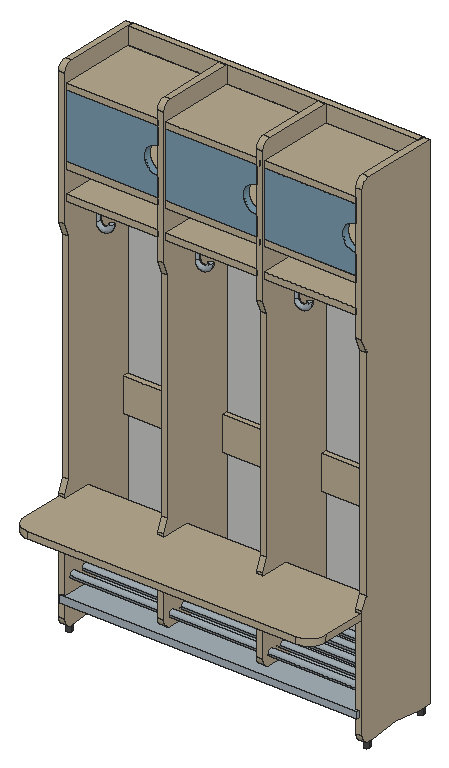
Revit family "Childrens coat rack N100 900", category Casework, Revit 2013
Parameters (values of type "Childrens coat rack N100 900")
  Youtube clip = ""
  Width = 900 mm
  Weight Net (kg) = 0 mm
  Uniclass 2.0 Description = ""
  Uniclass 2.0 Code = ""
  Uniclass 1.4 Description = ""
  Uniclass 1.4 Code = ""
  URL = "http://vaneritarvike.bimobject.com/7501"
  UNSPC code = 56
  UNSPC Category = "Furniture and Furnishings"
  Technical description = ""
  Product identifier = ""
  Product group = "Coat rack"
  Product family = "Kindergarten Furniture"
  Product data url = "http://www.vaneritarvike.fi/index.php?sivu=paivakotikalusteet&r_id=72&kieli=1"
  Product certification = ""
  Product SKU = "7501"
  Name of the object = "Childrens coat rack N100 900"
  NBS Reference Description = ""
  NBS Reference = ""
  Model = "Childrens coat rack N100 900"
  Manufacturer URL = "http://www.vaneritarvike.fi"
  Legs Material = Musta
  Installation instructions = ""
  IFC Classification = "Furniture"
  EAN code = ""
  COBIe Type Category = ""
  Bars And Bottom Panels Material = F0231
  Doors Material = F4168
  Rack Top and Bottom Panels Material = koivu
  Back Panel Material = Valkoinen
  Middle Horizontal Panels Material = koivu
  Support Panels Material = koivu
  Middle Vertical Panels Material = koivu
  Side Panels Material = koivu
  Manufacturer = "Nokian Vaneritarvike Oy"
  Manufacture country = "Finland"
  Height = 1520 mm
  Edition number = "2"
  Design country = "Finland"
  Depth = 430 mm
  Date of publishing = "4/2/2013"
  BIMobject QR code url = "http://vaneritarvike.bimobject.com/7501"
  BIMobject Category = "Furniture"
Reference planes
  plane 1 "Center (Front/Back)": y = 0
  plane 2: z = 0
  plane 3 "Center (Left/Right)": x = 0
  plane 4: x = -450
  plane 5: x = 450
  plane 6: y = -430
  plane 7: z = 1520
Forms (mm)
  Extrusion 1, solid, material "koivu" <- "Rack Top and Bottom Panels Material"
    sketch origin (24.797, 0, 1191.999) x (1, 0, 0) y (0, 1, 0)
      loop
        line (-464.619, -18.822) -> (-464.619, -248.322) -> (-181.172, -248.322) -> (-181.172, -18.822) -> (-464.619, -18.822)
    from 50 to 69.001
  Extrusion 2, solid, material "koivu" <- "Rack Top and Bottom Panels Material"
    sketch origin (24.797, 0, 1400.999) x (1, 0, 0) y (0, 1, 0)
      loop
        line (-464.619, -18.822) -> (-464.619, -248.322) -> (-181.172, -248.322) -> (-181.172, -18.822) -> (-464.619, -18.822)
    from 50 to 69.001
  Extrusion 3, solid, material "koivu" <- "Side Panels Material"
    sketch origin (-150, -208.004, 0) x (0, 1, 0) y (0, 0, 1)
      loop
        line (208.004, 1520) -> (-16.398, 1520)
        arc (-16.398, 1520) -> (-34.376, 1512.553) -> (-41.822, 1494.575) r 25.425
        line (-41.822, 1494.575) -> (-41.822, 1095) -> (-26.822, 1057) -> (-26.822, 411) -> (-41.822, 375) -> (-41.822, 45)
        arc (-41.822, 45) -> (-34.5, 27.322) -> (-16.822, 20) r 25
        line (-16.822, 20) -> (-1.818, 20) -> (83.182, 30) -> (168.175, 20.001) -> (208.004, 20.001) -> (208.004, 1520)
    from -300 to -281
  Extrusion 4, solid, material "Musta" <- "Legs Material"
    sketch origin (-150.864, -208.864, 0) x (1, 0, 0) y (0, 1, 0)
      loop
        circle (-290.5, 188.144) r 7.984
      loop
        circle (-290.5, -11.794) r 7.984
      loop
        circle (591.297, 189.246) r 7.984
      loop
        circle (591.297, -10.692) r 7.984
    from 0 to 20
  Extrusion 5, solid, material "koivu" <- "Middle Vertical Panels Material"
    sketch origin (143.625, -208.004, 0) x (0, 1, 0) y (0, 0, 1)
      loop
        line (189.182, 1520) -> (-16.893, 1520)
        arc (-16.893, 1520) -> (-34.871, 1512.553) -> (-42.318, 1494.575) r 25.425
        line (-42.318, 1494.575) -> (-42.318, 1095) -> (-27.318, 1057) -> (-27.318, 411) -> (-42.318, 375) -> (-42.318, 145)
        arc (-42.318, 145) -> (-34.996, 127.322) -> (-17.318, 120) r 25
        line (-17.318, 120) -> (189.182, 120) -> (189.182, 1520)
    from -300 to -281
  Extrusion 6, solid, material "Valkoinen" <- "Back Panel Material"
    sketch origin (-150, -208, 0) x (1, 0, 0) y (0, 1, 0)
      loop
        line (-281, 208) -> (-281, 189.178) -> (581, 189.178) -> (581, 208) -> (-281, 208)
    from 20 to 1470
  Extrusion 7, solid, material "F0231" <- "Bars And Bottom Panels Material"
    sketch origin (-150, -208, 0) x (1, 0, 0) y (0, 1, 0)
      loop
        line (-290, 189.178) -> (-290, -50.822) -> (590.972, -50.822) -> (590.972, 189.178) -> (-290, 189.178)
    from 90 to 110
  Extrusion 8, solid, material "koivu" <- "Middle Horizontal Panels Material"
    sketch origin (-125.203, -208, 1106) x (1, 0, 0) y (0, 1, 0)
      loop
        line (-305.797, 189.178) -> (-305.797, -40.322) -> (-31.172, -40.322) -> (-31.172, 189.178) -> (-305.797, 189.178)
    from 50 to 69.001
  Extrusion 9, solid, material "koivu" <- "Support Panels Material"
    sketch origin (-150, -208, 0) x (1, 0, 0) y (0, 1, 0)
      loop
        line (-281, 39.711) -> (-281, -41.827) -> (-297, -41.827) -> (-297, -172)
        arc (-297, -172) -> (-282.355, -207.355) -> (-247, -222) r 50
        line (-247, -222) -> (547, -222)
        arc (547, -222) -> (582.355, -207.355) -> (597, -172) r 50
        line (597, -172) -> (597, -41.827) -> (581, -41.827) -> (581, 39.711) -> (306.334, 39.711) -> (306.334, -42.322) -> (287.334, -42.322) -> (287.334, 39.711) -> (12.625, 39.711) -> (12.625, -42.322) -> (-6.375, -42.322) -> (-6.375, 39.711) -> (-281, 39.711)
    from 350 to 369
  Extrusion 10, solid, material "koivu" <- "Support Panels Material"
    sketch origin (-150, -208, 0) x (0, 1, 0) y (0, 0, 1)
      loop
        line (208.178, 1470) -> (208.178, 1520) -> (189.178, 1520) -> (189.178, 1470) -> (208.178, 1470)
    from -281 to 581
  Extrusion 11, solid, material "F0231" <- "Bars And Bottom Panels Material"
    sketch origin (-150, -208, 0) x (0, 1, 0) y (0, 0, 1)
      loop
        circle (164.178, 155.079) r 9.946
    from -281 to 581
  Extrusion 12, solid, material "F0231" <- "Bars And Bottom Panels Material"
    sketch origin (-150, -253, 0) x (0, 1, 0) y (0, 0, 1)
      loop
        circle (164.178, 155.079) r 9.946
    from -281 to 581
  Extrusion 13, solid, material "F0231" <- "Bars And Bottom Panels Material"
    sketch origin (-150, -298, 0) x (0, 1, 0) y (0, 0, 1)
      loop
        circle (164.178, 155.079) r 9.946
    from -281 to 581
  Extrusion 14, solid, material "F0231" <- "Bars And Bottom Panels Material"
    sketch origin (-150, -343.007, 0) x (0, 1, 0) y (0, 0, 1)
      loop
        circle (164.178, 155.079) r 9.946
    from -281 to 581
  Extrusion 15, solid, material "F0231" <- "Bars And Bottom Panels Material"
    sketch origin (-150, -388.007, 0) x (0, 1, 0) y (0, 0, 1)
      loop
        circle (164.178, 155.079) r 9.946
    from -281 to 581
  Sweep 16, solid, material "F0231" <- "Bars And Bottom Panels Material"
    path origin (-423, -128.822, 1200) x (1, 0, 0) y (0, 0, 1)
      loop
        line (-7.027, -84) -> (-7.027, -144)
        arc (-7.027, -144) -> (13.204, -164.232) -> (33.436, -144) r 20.232
    profile origin (-430.028, -128.822, 1086) x (0, -1, 0) y (1, 0, 0)
      loop
        circle (0, 0) r 7.027
  Sweep 17, solid, material "F0231" <- "Bars And Bottom Panels Material"
    path origin (-129.875, -128.822, 1200) x (1, 0, 0) y (0, 0, 1)
      loop
        line (-7.027, -84) -> (-7.027, -144)
        arc (-7.027, -144) -> (13.204, -164.232) -> (33.436, -144) r 20.232
    profile origin (-136.903, -128.822, 1086) x (0, -1, 0) y (1, 0, 0)
      loop
        circle (0, 0) r 7.027
  Sweep 18, solid, material "F0231" <- "Bars And Bottom Panels Material"
    path origin (-277.081, -132.267, 1260) x (0.866025, -0.5, 0) y (0, 0, 1)
      loop
        line (-7.027, -84) -> (-7.027, -144)
        arc (-7.027, -144) -> (13.204, -164.232) -> (33.436, -144) r 20.232
    profile origin (-283.167, -128.753, 1146) x (-0.5, -0.866025, 0) y (0.866025, -0.5, 0)
      loop
        circle (0, 0) r 7.027
  Sweep 19, solid, material "F0231" <- "Bars And Bottom Panels Material"
    path origin (-289.253, -132.267, 1260) x (-0.866025, -0.5, 0) y (0, 0, -1)
      loop
        line (-7.027, 84) -> (-7.027, 144)
        arc (-7.027, 144) -> (13.204, 164.232) -> (33.436, 144) r 20.232
    profile origin (-283.167, -128.753, 1146) x (0.5, -0.866025, 0) y (0.866025, 0.5, 0)
      loop
        circle (0, 0) r 7.027
  Sweep 20, solid, material "F0231" <- "Bars And Bottom Panels Material"
    path origin (-283.167, -121.795, 1260) x (0, 1, 0) y (0, 0, 1)
      loop
        line (-7.027, -84) -> (-7.027, -144)
        arc (-7.027, -144) -> (13.204, -164.232) -> (33.436, -144) r 20.232
    profile origin (-283.167, -128.822, 1146) x (1, 0, 0) y (0, 1, 0)
      loop
        circle (0, 0) r 7.027
  Sweep 21, solid, material "F0231" <- "Bars And Bottom Panels Material"
    path origin (4.496, -132.267, 1260) x (-0.866025, -0.5, 0) y (0, 0, -1)
      loop
        line (-7.027, 84) -> (-7.027, 144)
        arc (-7.027, 144) -> (13.204, 164.232) -> (33.436, 144) r 20.232
    profile origin (10.582, -128.753, 1146) x (0.5, -0.866025, 0) y (0.866025, 0.5, 0)
      loop
        circle (0, 0) r 7.027
  Sweep 22, solid, material "F0231" <- "Bars And Bottom Panels Material"
    path origin (16.668, -132.267, 1260) x (0.866025, -0.5, 0) y (0, 0, 1)
      loop
        line (-7.027, -84) -> (-7.027, -144)
        arc (-7.027, -144) -> (13.204, -164.232) -> (33.436, -144) r 20.232
    profile origin (10.582, -128.753, 1146) x (-0.5, -0.866025, 0) y (0.866025, -0.5, 0)
      loop
        circle (0, 0) r 7.027
  Sweep 23, solid, material "F0231" <- "Bars And Bottom Panels Material"
    path origin (10.582, -121.795, 1260) x (0, 1, 0) y (0, 0, -1)
      loop
        line (-7.027, 84) -> (-7.027, 144)
        arc (-7.027, 144) -> (13.204, 164.232) -> (33.436, 144) r 20.232
    profile origin (10.582, -128.822, 1146) x (-1, 0, 0) y (0, -1, 0)
      loop
        circle (0, 0) r 7.027
  Extrusion 24, solid, material "koivu" <- "Side Panels Material"
    sketch origin (150, -208.004, 0) x (0, 1, 0) y (0, 0, -1)
      loop
        line (208.004, -1520) -> (208.004, -20.001) -> (168.175, -20.001) -> (83.182, -30) -> (-1.818, -20) -> (-16.822, -20)
        arc (-16.822, -20) -> (-34.5, -27.322) -> (-41.822, -45) r 25
        line (-41.822, -45) -> (-41.822, -375) -> (-26.822, -411) -> (-26.822, -1057) -> (-41.822, -1095) -> (-41.822, -1494.575)
        arc (-41.822, -1494.575) -> (-34.376, -1512.553) -> (-16.398, -1520) r 25.425
        line (-16.398, -1520) -> (208.004, -1520)
    from -300 to -281
  Extrusion 25, solid, material "koivu" <- "Middle Vertical Panels Material"
    sketch origin (437.333, -208.004, 0) x (0, 1, 0) y (0, 0, 1)
      loop
        line (189.182, 1520) -> (-16.893, 1520)
        arc (-16.893, 1520) -> (-34.871, 1512.553) -> (-42.318, 1494.575) r 25.425
        line (-42.318, 1494.575) -> (-42.318, 1095) -> (-27.318, 1057) -> (-27.318, 411) -> (-42.318, 375) -> (-42.318, 145)
        arc (-42.318, 145) -> (-34.996, 127.322) -> (-17.318, 120) r 25
        line (-17.318, 120) -> (189.182, 120) -> (189.182, 1520)
    from -300 to -281
  Sweep 26, solid, material "F0231" <- "Bars And Bottom Panels Material"
    path origin (164.233, -128.822, 1200) x (1, 0, 0) y (0, 0, 1)
      loop
        line (-7.027, -84) -> (-7.027, -144)
        arc (-7.027, -144) -> (13.204, -164.232) -> (33.436, -144) r 20.232
    profile origin (157.206, -128.822, 1086) x (0, -1, 0) y (1, 0, 0)
      loop
        circle (0, 0) r 7.027
  Sweep 27, solid, material "F0231" <- "Bars And Bottom Panels Material"
    path origin (298.205, -132.267, 1260) x (-0.866025, -0.5, 0) y (0, 0, -1)
      loop
        line (-7.027, 84) -> (-7.027, 144)
        arc (-7.027, 144) -> (13.204, 164.232) -> (33.436, 144) r 20.232
    profile origin (304.291, -128.753, 1146) x (0.5, -0.866025, 0) y (0.866025, 0.5, 0)
      loop
        circle (0, 0) r 7.027
  Sweep 28, solid, material "F0231" <- "Bars And Bottom Panels Material"
    path origin (310.377, -132.267, 1260) x (0.866025, -0.5, 0) y (0, 0, 1)
      loop
        line (-7.027, -84) -> (-7.027, -144)
        arc (-7.027, -144) -> (13.204, -164.232) -> (33.436, -144) r 20.232
    profile origin (304.291, -128.753, 1146) x (-0.5, -0.866025, 0) y (0.866025, -0.5, 0)
      loop
        circle (0, 0) r 7.027
  Sweep 29, solid, material "F0231" <- "Bars And Bottom Panels Material"
    path origin (304.291, -121.795, 1260) x (0, 1, 0) y (0, 0, -1)
      loop
        line (-7.027, 84) -> (-7.027, 144)
        arc (-7.027, 144) -> (13.204, 164.232) -> (33.436, 144) r 20.232
    profile origin (304.291, -128.822, 1146) x (-1, 0, 0) y (0, -1, 0)
      loop
        circle (0, 0) r 7.027
  Extrusion 30, solid, material "F4168" <- "Doors Material"
    sketch origin (-151, 0, 0) x (1, 0, 0) y (0, 0, 1)
      loop
        line (-280, 1450.999) -> (-280, 1261) -> (-5.333, 1261) -> (-5.333, 1318.5)
        arc (-5.333, 1318.5) -> (-45.333, 1358.5) -> (-5.333, 1398.5) r 40
        line (-5.333, 1398.5) -> (-5.333, 1450.999) -> (-280, 1450.999)
    from 228.822 to 248.322
  Extrusion 31, solid, material "F4168" <- "Doors Material"
    sketch origin (142.667, 0, 0) x (1, 0, 0) y (0, 0, 1)
      loop
        line (-280, 1450.999) -> (-280, 1261) -> (-5.333, 1261) -> (-5.333, 1318.5)
        arc (-5.333, 1318.5) -> (-45.333, 1358.5) -> (-5.333, 1398.5) r 40
        line (-5.333, 1398.5) -> (-5.333, 1450.999) -> (-280, 1450.999)
    from 228.822 to 248.322
  Extrusion 32, solid, material "F4168" <- "Doors Material"
    sketch origin (436.333, 0, 0) x (1, 0, 0) y (0, 0, 1)
      loop
        line (-280, 1450.999) -> (-280, 1261) -> (-5.334, 1261) -> (-5.334, 1318.5)
        arc (-5.334, 1318.5) -> (-45.334, 1358.5) -> (-5.334, 1398.5) r 40
        line (-5.334, 1398.5) -> (-5.334, 1450.999) -> (-280, 1450.999)
    from 228.822 to 248.322
  Extrusion 33, solid, material "koivu" <- "Support Panels Material"
    sketch origin (0, 0, 0) x (0, 1, 0) y (0, 0, 1)
      loop
        line (-18.822, 600) -> (-37.822, 600) -> (-37.822, 500) -> (-18.822, 500) -> (-18.822, 600)
    from -431 to -156.375
  Extrusion 34, solid, material "koivu" <- "Support Panels Material"
    sketch origin (0, 0, 0) x (0, 1, 0) y (0, 0, 1)
      loop
        line (-18.822, 600) -> (-37.822, 600) -> (-37.822, 500) -> (-18.822, 500) -> (-18.822, 600)
    from -137.375 to 137.333
  Extrusion 35, solid, material "koivu" <- "Support Panels Material"
    sketch origin (0, 0, 0) x (0, 1, 0) y (0, 0, 1)
      loop
        line (-18.822, 600) -> (-37.822, 600) -> (-37.822, 500) -> (-18.822, 500) -> (-18.822, 600)
    from 156.333 to 431
  Extrusion 36, solid, material "koivu" <- "Rack Top and Bottom Panels Material"
    sketch origin (-318.547, 0, 1400.999) x (-1, 0, 0) y (0, -1, 0)
      loop
        line (-464.619, 18.822) -> (-181.172, 18.822) -> (-181.172, 248.322) -> (-464.619, 248.322) -> (-464.619, 18.822)
    from 50 to 69.001
  Extrusion 37, solid, material "koivu" <- "Rack Top and Bottom Panels Material"
    sketch origin (612.214, 0, 1400.999) x (1, 0, 0) y (0, 1, 0)
      loop
        line (-464.619, -18.822) -> (-464.619, -248.322) -> (-181.172, -248.322) -> (-181.172, -18.822) -> (-464.619, -18.822)
    from 50 to 69.001
  Extrusion 38, solid, material "koivu" <- "Rack Top and Bottom Panels Material"
    sketch origin (-318.547, 0, 1191.999) x (-1, 0, 0) y (0, -1, 0)
      loop
        line (-464.619, 18.822) -> (-181.172, 18.822) -> (-181.172, 248.322) -> (-464.619, 248.322) -> (-464.619, 18.822)
    from 50 to 69.001
  Extrusion 39, solid, material "koivu" <- "Rack Top and Bottom Panels Material"
    sketch origin (612.214, 0, 1191.999) x (1, 0, 0) y (0, 1, 0)
      loop
        line (-464.619, -18.822) -> (-464.619, -248.322) -> (-181.172, -248.322) -> (-181.172, -18.822) -> (-464.619, -18.822)
    from 50 to 69.001
  Extrusion 40, solid, material "koivu" <- "Middle Horizontal Panels Material"
    sketch origin (-168.547, -208, 1106) x (-1, 0, 0) y (0, -1, 0)
      loop
        line (-305.797, -189.178) -> (-31.172, -189.178) -> (-31.172, 40.322) -> (-305.797, 40.322) -> (-305.797, -189.178)
    from 50 to 69.001
  Extrusion 41, solid, material "koivu" <- "Middle Horizontal Panels Material"
    sketch origin (462.214, -208, 1106) x (1, 0, 0) y (0, 1, 0)
      loop
        line (-305.797, 189.178) -> (-305.797, -40.322) -> (-31.172, -40.322) -> (-31.172, 189.178) -> (-305.797, 189.178)
    from 50 to 69.001
Lines and regions (mm)
  Masking region 1
    outline origin (8.822, -208, 0) x (1, 0, 0) y (0, 1, 0)
      loop
        line (-458.823, 208) -> (-458.823, -41.827) -> (-455.822, -41.827) -> (-455.822, -172)
        arc (-455.822, -172) -> (-441.178, -207.355) -> (-405.822, -222) r 50
        line (-405.822, -222) -> (388.177, -222)
        arc (388.177, -222) -> (423.533, -207.355) -> (438.177, -172) r 50
        line (438.177, -172) -> (438.177, -41.827) -> (441.177, -41.827) -> (441.177, 208) -> (-458.823, 208)
  symbolic lines, detail levels medium+fine
    curve 1: line (-450, -249.827, 0) -> (-431, -249.827, 0)
    curve 2: line (-431, -249.827, 0) -> (-431, -18.822, 0)
    curve 3: line (-431, -18.822, 0) -> (431, -18.822, 0)
    curve 10: line (431, -18.822, 0) -> (431, -249.827, 0)
    curve 11: line (431, -249.827, 0) -> (450, -249.827, 0)
  symbolic lines, detail levels fine
    curve 4: line (-156.375, -18.822, 0) -> (-156.375, -249.827, 0)
    curve 5: line (-137.375, -249.827, 0) -> (-137.375, -18.822, 0)
    curve 6: line (-156.375, -249.827, 0) -> (-137.375, -249.827, 0)
    curve 7: line (137.333, -18.822, 0) -> (137.333, -249.827, 0)
    curve 8: line (137.333, -249.827, 0) -> (156.333, -249.827, 0)
    curve 9: line (156.333, -249.827, 0) -> (156.333, -18.822, 0)
    curve 12: line (-440, -258.822, 0) -> (440.972, -258.822, 0)
    curve 13: line (-440, -258.822, 0) -> (-440, -249.827, 0)
    curve 14: line (440.972, -258.822, 0) -> (440.972, -249.827, 0)
Dimensions and locks
  "Width": plane 4 to plane 5
  "Depth": plane 6 to plane 1 "Center (Front/Back)"
  "Height": plane 7 to plane 2
  aligned and locked: level to plane 2
  aligned and locked: plane 6 to Extrusion 9 sketch curve
  aligned and locked: plane 6 to Masking region 1 sketch curve
  aligned and locked: Extrusion 3 to plane 1 "Center (Front/Back)"
  aligned and locked: Extrusion 6 to plane 1 "Center (Front/Back)"
  aligned and locked: Extrusion 24 to plane 1 "Center (Front/Back)"
  aligned and locked: plane 1 "Center (Front/Back)" to Masking region 1 sketch curve
Automatic sketch dimensions
  curve 12 to plane 4 = 10 mm
  plane 6 to curve 12 = 171.178 mm
  curve 1 to plane 4 = 0 mm
  curve 11 to plane 5 = 0 mm
  curve 2 to plane 4 = 19 mm
  curve 4 to plane 3 "Center (Left/Right)" = 156.375 mm
  curve 4 to curve 5 = 19 mm
  plane 3 "Center (Left/Right)" to curve 7 = 137.333 mm
  curve 7 to curve 8 = 19 mm
  curve 10 to plane 5 = 19 mm
  curve 14 to plane 5 = 9.028 mm
  curve 12 to curve 10 = 8.996 mm
  curve 12 to curve 2 = 8.996 mm
  plane 6 to curve 4 = 180.173 mm
  plane 6 to curve 9 = 180.173 mm
  plane 1 "Center (Front/Back)" to curve 3 = 18.822 mm
  Extrusion 1 sketch curve to plane 4 = 10.178 mm
  plane 6 to Extrusion 1 sketch curve = 181.678 mm
  Extrusion 1 sketch curve to plane 3 "Center (Left/Right)" = 156.375 mm
  plane 1 "Center (Front/Back)" to Extrusion 1 sketch curve = 18.822 mm
  Extrusion 2 sketch curve to plane 4 = 10.178 mm
  plane 6 to Extrusion 2 sketch curve = 181.678 mm
  Extrusion 2 sketch curve to plane 3 "Center (Left/Right)" = 156.375 mm
  plane 1 "Center (Front/Back)" to Extrusion 2 sketch curve = 18.822 mm
  Extrusion 3 sketch curve to plane 1 "Center (Front/Back)" = 0 mm
  level to Extrusion 3 sketch curve = 20 mm
  plane 1 "Center (Front/Back)" to Extrusion 3 sketch curve = 39.83 mm
  level to Extrusion 3 sketch curve = 30 mm
  Extrusion 3 sketch curve to Extrusion 3 sketch curve = 84.993 mm
  Extrusion 3 sketch curve to Extrusion 3 sketch curve = 85 mm
  Extrusion 3 sketch curve to plane 7 = 0 mm
  plane 6 to Extrusion 3 sketch curve = 205.598 mm
  Extrusion 3 sketch curve to Extrusion 3 sketch curve = 15.004 mm
  plane 6 to Extrusion 3 sketch curve = 195.173 mm
  Extrusion 3 sketch curve to Extrusion 3 sketch curve = 15 mm  (x2)
  level to Extrusion 3 sketch curve = 20.001 mm
  Extrusion 3 sketch curve to Extrusion 3 sketch curve = 330 mm
  Extrusion 3 sketch curve to Extrusion 3 sketch curve = 36 mm
  Extrusion 3 sketch curve to Extrusion 3 sketch curve = 437.575 mm
  Extrusion 3 sketch curve to Extrusion 3 sketch curve = 38 mm
  Extrusion 4 sketch curve to plane 4 = 8.636 mm  (x2)
  Extrusion 4 sketch curve to plane 5 = 9.566 mm  (x2)
  plane 6 to Extrusion 4 sketch curve = 209.342 mm
  plane 6 to Extrusion 4 sketch curve = 210.444 mm
  plane 1 "Center (Front/Back)" to Extrusion 4 sketch curve = 20.72 mm
  plane 1 "Center (Front/Back)" to Extrusion 4 sketch curve = 19.617 mm
  plane 6 to Extrusion 5 sketch curve = 179.678 mm  (x2)
  plane 1 "Center (Front/Back)" to Extrusion 5 sketch curve = 18.822 mm
  level to Extrusion 5 sketch curve = 120 mm
  Extrusion 5 sketch curve to Extrusion 5 sketch curve = 15 mm
  Extrusion 5 sketch curve to Extrusion 5 sketch curve = 25 mm
  Extrusion 5 sketch curve to plane 7 = 0 mm
  Extrusion 5 sketch curve to Extrusion 5 sketch curve = 25.425 mm
  Extrusion 5 sketch curve to Extrusion 5 sketch curve = 230 mm
  Extrusion 5 sketch curve to Extrusion 5 sketch curve = 36 mm
  Extrusion 5 sketch curve to Extrusion 5 sketch curve = 437.575 mm
  Extrusion 5 sketch curve to Extrusion 5 sketch curve = 38 mm
  plane 1 "Center (Front/Back)" to Extrusion 6 sketch curve = 0 mm
  Extrusion 6 sketch curve to plane 4 = 19 mm
  plane 1 "Center (Front/Back)" to Extrusion 6 sketch curve = 18.822 mm
  Extrusion 6 sketch curve to plane 5 = 19 mm
  Extrusion 7 sketch curve to plane 4 = 10 mm
  plane 6 to Extrusion 7 sketch curve = 171.178 mm
  Extrusion 7 sketch curve to plane 5 = 9.028 mm
  plane 1 "Center (Front/Back)" to Extrusion 7 sketch curve = 18.822 mm
  Extrusion 8 sketch curve to plane 4 = 19 mm
  plane 6 to Extrusion 8 sketch curve = 181.678 mm
  Extrusion 8 sketch curve to plane 3 "Center (Left/Right)" = 156.375 mm
  plane 1 "Center (Front/Back)" to Extrusion 8 sketch curve = 18.822 mm
  Extrusion 9 sketch curve to plane 4 = 3 mm
  plane 6 to Extrusion 9 sketch curve = 50 mm
  Extrusion 9 sketch curve to plane 4 = 19 mm
  Extrusion 9 sketch curve to plane 3 "Center (Left/Right)" = 156.375 mm
  Extrusion 9 sketch curve to Extrusion 9 sketch curve = 19 mm  (x2)
  plane 3 "Center (Left/Right)" to Extrusion 9 sketch curve = 137.333 mm
  Extrusion 9 sketch curve to plane 5 = 53 mm
  Extrusion 9 sketch curve to plane 5 = 19 mm
  Extrusion 9 sketch curve to plane 5 = 3 mm
  plane 6 to Extrusion 9 sketch curve = 179.678 mm  (x2)
  Extrusion 9 sketch curve to Extrusion 9 sketch curve = 130.173 mm  (x2)
  Extrusion 9 sketch curve to Extrusion 9 sketch curve = 82.033 mm
  Extrusion 9 sketch curve to Extrusion 9 sketch curve = 0 mm
  Extrusion 9 sketch curve to Extrusion 9 sketch curve = 81.537 mm
  plane 1 "Center (Front/Back)" to Extrusion 10 sketch curve = 18.822 mm
  Extrusion 10 sketch curve to plane 7 = 50 mm
  Extrusion 10 sketch curve to plane 7 = 0 mm
  Extrusion 10 sketch curve to plane 1 "Center (Front/Back)" = 0.178 mm
  plane 1 "Center (Front/Back)" to Extrusion 11 sketch curve = 43.822 mm
  level to Extrusion 11 sketch curve = 155.079 mm
  plane 1 "Center (Front/Back)" to Extrusion 12 sketch curve = 88.822 mm
  level to Extrusion 12 sketch curve = 155.079 mm
  plane 1 "Center (Front/Back)" to Extrusion 13 sketch curve = 133.822 mm
  level to Extrusion 13 sketch curve = 155.079 mm
  plane 1 "Center (Front/Back)" to Extrusion 14 sketch curve = 178.829 mm
  level to Extrusion 14 sketch curve = 155.079 mm
  plane 6 to Extrusion 15 sketch curve = 206.171 mm
  level to Extrusion 15 sketch curve = 155.079 mm
  Sweep 16 sketch curve to plane 4 = 19.972 mm
  Sweep 16 sketch curve to plane 7 = 464 mm
  Sweep 16 sketch curve to Sweep 16 sketch curve = 20.232 mm
  Sweep 16 sketch curve to Sweep 16 sketch curve = 60 mm
  Sweep 16 sketch curve to profile plane = 0 mm
  profile plane to Sweep 16 sketch curve = 0 mm
  Sweep 17 sketch curve to plane 3 "Center (Left/Right)" = 136.903 mm
  Sweep 17 sketch curve to plane 7 = 464 mm
  Sweep 17 sketch curve to Sweep 17 sketch curve = 20.232 mm
  Sweep 17 sketch curve to Sweep 17 sketch curve = 60 mm
  Sweep 17 sketch curve to profile plane = 0 mm
  profile plane to Sweep 17 sketch curve = 0 mm
  Sweep 18 sketch curve to plane 7 = 404 mm
  Sweep 18 sketch curve to Sweep 18 sketch curve = 20.232 mm
  Sweep 18 sketch curve to Sweep 18 sketch curve = 60 mm
  Sweep 18 sketch curve to profile plane = 0 mm
  profile plane to Sweep 18 sketch curve = 0 mm
  Sweep 19 sketch curve to plane 7 = 404 mm
  Sweep 19 sketch curve to Sweep 19 sketch curve = 20.232 mm
  Sweep 19 sketch curve to Sweep 19 sketch curve = 60 mm
  profile plane to Sweep 19 sketch curve = 0 mm  (x2)
  plane 1 "Center (Front/Back)" to Sweep 20 sketch curve = 128.822 mm
  Sweep 20 sketch curve to plane 7 = 404 mm
  Sweep 20 sketch curve to Sweep 20 sketch curve = 20.232 mm
  Sweep 20 sketch curve to Sweep 20 sketch curve = 60 mm
  profile plane to Sweep 20 sketch curve = 0 mm
  Sweep 20 sketch curve to profile plane = 0 mm
  Sweep 21 sketch curve to plane 7 = 404 mm
  Sweep 21 sketch curve to Sweep 21 sketch curve = 20.232 mm
  Sweep 21 sketch curve to Sweep 21 sketch curve = 60 mm
  profile plane to Sweep 21 sketch curve = 0 mm  (x2)
  Sweep 22 sketch curve to plane 7 = 404 mm
  Sweep 22 sketch curve to Sweep 22 sketch curve = 20.232 mm
  Sweep 22 sketch curve to Sweep 22 sketch curve = 60 mm
  Sweep 22 sketch curve to profile plane = 0 mm
  profile plane to Sweep 22 sketch curve = 0 mm
  plane 1 "Center (Front/Back)" to Sweep 23 sketch curve = 128.822 mm
  Sweep 23 sketch curve to plane 7 = 404 mm
  Sweep 23 sketch curve to Sweep 23 sketch curve = 20.232 mm
  Sweep 23 sketch curve to Sweep 23 sketch curve = 60 mm
  Sweep 23 sketch curve to profile plane = 0 mm  (x2)
  Extrusion 24 sketch curve to plane 1 "Center (Front/Back)" = 0 mm
  Extrusion 24 sketch curve to plane 7 = 0 mm
  plane 1 "Center (Front/Back)" to Extrusion 24 sketch curve = 39.83 mm
  level to Extrusion 24 sketch curve = 30 mm
  Extrusion 24 sketch curve to Extrusion 24 sketch curve = 84.993 mm
  level to Extrusion 24 sketch curve = 20 mm
  Extrusion 24 sketch curve to Extrusion 24 sketch curve = 85 mm
  plane 6 to Extrusion 24 sketch curve = 205.598 mm
  Extrusion 24 sketch curve to Extrusion 24 sketch curve = 15.004 mm
  plane 6 to Extrusion 24 sketch curve = 195.173 mm
  Extrusion 24 sketch curve to Extrusion 24 sketch curve = 15 mm  (x2)
  Extrusion 24 sketch curve to Extrusion 24 sketch curve = 399.575 mm
  Extrusion 24 sketch curve to Extrusion 24 sketch curve = 38 mm
  Extrusion 24 sketch curve to Extrusion 24 sketch curve = 366 mm
  Extrusion 24 sketch curve to Extrusion 24 sketch curve = 36 mm
  level to Extrusion 24 sketch curve = 20.001 mm
  plane 6 to Extrusion 25 sketch curve = 179.678 mm  (x2)
  plane 1 "Center (Front/Back)" to Extrusion 25 sketch curve = 18.822 mm
  level to Extrusion 25 sketch curve = 120 mm
  Extrusion 25 sketch curve to Extrusion 25 sketch curve = 15 mm
  Extrusion 25 sketch curve to Extrusion 25 sketch curve = 25 mm
  Extrusion 25 sketch curve to plane 7 = 0 mm
  Extrusion 25 sketch curve to Extrusion 25 sketch curve = 25.425 mm
  Extrusion 25 sketch curve to Extrusion 25 sketch curve = 230 mm
  Extrusion 25 sketch curve to Extrusion 25 sketch curve = 36 mm
  Extrusion 25 sketch curve to Extrusion 25 sketch curve = 437.575 mm
  Extrusion 25 sketch curve to Extrusion 25 sketch curve = 38 mm
  plane 3 "Center (Left/Right)" to Sweep 26 sketch curve = 157.206 mm
  Sweep 26 sketch curve to plane 7 = 464 mm
  Sweep 26 sketch curve to Sweep 26 sketch curve = 20.232 mm
  Sweep 26 sketch curve to Sweep 26 sketch curve = 60 mm
  Sweep 26 sketch curve to profile plane = 0 mm
  profile plane to Sweep 26 sketch curve = 0 mm
  Sweep 27 sketch curve to plane 7 = 404 mm
  Sweep 27 sketch curve to Sweep 27 sketch curve = 20.232 mm
  Sweep 27 sketch curve to Sweep 27 sketch curve = 60 mm
  profile plane to Sweep 27 sketch curve = 0 mm  (x2)
  Sweep 28 sketch curve to plane 7 = 404 mm
  Sweep 28 sketch curve to Sweep 28 sketch curve = 20.232 mm
  Sweep 28 sketch curve to Sweep 28 sketch curve = 60 mm
  Sweep 28 sketch curve to profile plane = 0 mm
  profile plane to Sweep 28 sketch curve = 0 mm
  plane 1 "Center (Front/Back)" to Sweep 29 sketch curve = 128.822 mm
  Sweep 29 sketch curve to plane 7 = 404 mm
  Sweep 29 sketch curve to Sweep 29 sketch curve = 20.232 mm
  Sweep 29 sketch curve to Sweep 29 sketch curve = 60 mm
  Sweep 29 sketch curve to profile plane = 0 mm  (x2)
  Extrusion 30 sketch curve to plane 4 = 19 mm
  Extrusion 30 sketch curve to plane 7 = 259 mm
  Extrusion 30 sketch curve to plane 3 "Center (Left/Right)" = 156.333 mm
  Extrusion 30 sketch curve to Extrusion 30 sketch curve = 57.5 mm
  Extrusion 30 sketch curve to Extrusion 30 sketch curve = 80 mm
  Extrusion 30 sketch curve to Extrusion 30 sketch curve = 52.499 mm
  Extrusion 31 sketch curve to plane 3 "Center (Left/Right)" = 137.333 mm
  Extrusion 31 sketch curve to plane 7 = 259 mm
  plane 3 "Center (Left/Right)" to Extrusion 31 sketch curve = 137.333 mm
  Extrusion 31 sketch curve to Extrusion 31 sketch curve = 57.5 mm
  Extrusion 31 sketch curve to Extrusion 31 sketch curve = 80 mm
  Extrusion 31 sketch curve to Extrusion 31 sketch curve = 52.499 mm
  plane 3 "Center (Left/Right)" to Extrusion 32 sketch curve = 156.333 mm
  Extrusion 32 sketch curve to plane 5 = 19 mm
  Extrusion 32 sketch curve to plane 7 = 259 mm
  Extrusion 32 sketch curve to Extrusion 32 sketch curve = 57.5 mm
  Extrusion 32 sketch curve to Extrusion 32 sketch curve = 80 mm
  Extrusion 32 sketch curve to Extrusion 32 sketch curve = 52.499 mm
  Masking region 1 sketch curve to plane 4 = 0 mm
  Masking region 1 sketch curve to plane 5 = 0 mm
  Masking region 1 sketch curve to plane 5 = 3 mm
  plane 6 to Masking region 1 sketch curve = 50 mm
  Masking region 1 sketch curve to plane 4 = 3 mm
  Masking region 1 sketch curve to plane 4 = 53 mm
  Masking region 1 sketch curve to Masking region 1 sketch curve = 130.173 mm  (x2)
  plane 1 "Center (Front/Back)" to Extrusion 33 sketch curve = 37.822 mm
  plane 1 "Center (Front/Back)" to Extrusion 33 sketch curve = 18.822 mm
  level to Extrusion 33 sketch curve = 500 mm
  Extrusion 33 sketch curve to Extrusion 33 sketch curve = 100 mm
  plane 1 "Center (Front/Back)" to Extrusion 34 sketch curve = 37.822 mm
  plane 1 "Center (Front/Back)" to Extrusion 34 sketch curve = 18.822 mm
  level to Extrusion 34 sketch curve = 500 mm
  Extrusion 34 sketch curve to Extrusion 34 sketch curve = 100 mm
  plane 1 "Center (Front/Back)" to Extrusion 35 sketch curve = 37.822 mm
  plane 1 "Center (Front/Back)" to Extrusion 35 sketch curve = 18.822 mm
  level to Extrusion 35 sketch curve = 500 mm
  Extrusion 35 sketch curve to Extrusion 35 sketch curve = 100 mm
  plane 3 "Center (Left/Right)" to Extrusion 36 sketch curve = 146.072 mm
  plane 1 "Center (Front/Back)" to Extrusion 36 sketch curve = 18.822 mm
  Extrusion 36 sketch curve to plane 3 "Center (Left/Right)" = 137.375 mm
  plane 6 to Extrusion 36 sketch curve = 181.678 mm
  plane 3 "Center (Left/Right)" to Extrusion 37 sketch curve = 147.595 mm
  plane 6 to Extrusion 37 sketch curve = 181.678 mm
  Extrusion 37 sketch curve to plane 5 = 18.958 mm
  plane 1 "Center (Front/Back)" to Extrusion 37 sketch curve = 18.822 mm
  plane 3 "Center (Left/Right)" to Extrusion 38 sketch curve = 146.072 mm
  plane 1 "Center (Front/Back)" to Extrusion 38 sketch curve = 18.822 mm
  Extrusion 38 sketch curve to plane 3 "Center (Left/Right)" = 137.375 mm
  plane 6 to Extrusion 38 sketch curve = 181.678 mm
  plane 3 "Center (Left/Right)" to Extrusion 39 sketch curve = 147.595 mm
  plane 6 to Extrusion 39 sketch curve = 181.678 mm
  Extrusion 39 sketch curve to plane 5 = 18.958 mm
  plane 1 "Center (Front/Back)" to Extrusion 39 sketch curve = 18.822 mm
  plane 3 "Center (Left/Right)" to Extrusion 40 sketch curve = 137.25 mm
  plane 1 "Center (Front/Back)" to Extrusion 40 sketch curve = 18.822 mm
  Extrusion 40 sketch curve to plane 3 "Center (Left/Right)" = 137.375 mm
  plane 6 to Extrusion 40 sketch curve = 181.678 mm
  plane 3 "Center (Left/Right)" to Extrusion 41 sketch curve = 156.417 mm
  plane 6 to Extrusion 41 sketch curve = 181.678 mm
  Extrusion 41 sketch curve to plane 5 = 18.958 mm
  plane 1 "Center (Front/Back)" to Extrusion 41 sketch curve = 18.822 mm
  radius of Extrusion 4 sketch curve = 7.984 mm  (x4)
  radius of Extrusion 11 sketch curve = 9.946 mm
  radius of Extrusion 12 sketch curve = 9.946 mm
  radius of Extrusion 13 sketch curve = 9.946 mm
  radius of Extrusion 14 sketch curve = 9.946 mm
  radius of Extrusion 15 sketch curve = 9.946 mm
  radius of Sweep 16 sketch curve = 7.027 mm
  radius of Sweep 17 sketch curve = 7.027 mm
  radius of Sweep 18 sketch curve = 7.027 mm
  radius of Sweep 19 sketch curve = 7.027 mm
  radius of Sweep 20 sketch curve = 7.027 mm
  radius of Sweep 21 sketch curve = 7.027 mm
  radius of Sweep 22 sketch curve = 7.027 mm
  radius of Sweep 23 sketch curve = 7.027 mm
  radius of Sweep 26 sketch curve = 7.027 mm
  radius of Sweep 27 sketch curve = 7.027 mm
  radius of Sweep 28 sketch curve = 7.027 mm
  radius of Sweep 29 sketch curve = 7.027 mm
